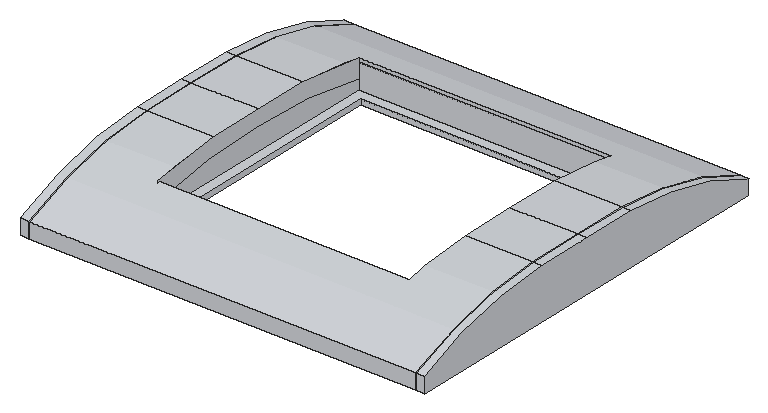
Revit family "Gira_0211728", category Electrical Fixtures, host Face, Revit 2017
Family settings
  Host = Face
  Maintain Annotation Orientation = No
  Round Connector Dimension = Use Diameter
  Part Type = Normal
  Cut with Voids When Loaded = No
  Shared = No
  Room Calculation Point = No
Parameters (values of type "Cov.fr. 1-g interm.fr. AN Gira Event Clear white")
  URL = "http://katalog.gira.de/en/datenblatt.html?artikelnr=0211728"
  Transparent = "No"
  Name = "Cov.fr. 1-g interm.fr. AN Gira Event Clear white"
  Manufacturer URL = "https://www.gira.de/"
  Manufacturer = "Gira"
  Label space/information surface = "No"
  Keynote = ""
  HeinzeBIM = "https://bimportal.heinze.de/bim/cov-fr-1-g-interm-fr-an-gira-event-clear-white/934b1aa0baa6fbabda97f123d35635535bc68bd8"
  HAN = "0211728"
  GTIN = "4010337068754"
  Description = "Cov.fr.1g i.fr.AN EvCl WH,Gira Event Clear cover frame,white with anthracite intermediate frame,1-gang,Features:,- Shatter-proof."
  Default Elevation = 1219.2 mm
  Data sheet (1) = "https://katalog.gira.de/en/download.html?artikelnr=0211728"
  Category = "Cover frame for domestic switching devices"
  BIM (1) = "https://media.stage.bim.site/public/gira/36a6b08/Event_Rahmen_1fach.rfa"
  Available = "No"
Reference planes
  plane 1 "Center (Front/Back)": y = 0
  plane 2: z = 0
  plane 3 "Center (Left/Right)": x = 0
Forms (mm)
  Extrusion 1, solid, detail levels fine
    sketch origin (0, 0, 1.55) x (0, 1, 0) y (0, 0, 1)
      loop
        arc (12.445, 9.683) -> (6.223, 9.833) -> (0, 9.85) r 291.636
        arc (0, 9.85) -> (-6.223, 9.833) -> (-12.445, 9.683) r 291.636
        arc (-12.445, 9.683) -> (-29.14, 7.482) -> (-45, 1.823) r 79.728
        line (-45, 1.823) -> (-45, -1.55) -> (-41.777, -1.55) -> (-41.777, -0.55)
        arc (-41.777, -0.55) -> (-21.205, 4.846) -> (0, 6.467) r 118.15
        arc (0, 6.467) -> (21.205, 4.846) -> (41.777, -0.55) r 118.15
        line (41.777, -0.55) -> (41.777, -1.55) -> (45, -1.55) -> (45, 1.823)
        arc (45, 1.823) -> (29.14, 7.482) -> (12.445, 9.683) r 79.728
    from -43 to 43
  Extrusion 2, void, detail levels fine
    sketch origin (0, 0, 0) x (1, 0, 0) y (0, 1, 0)
      loop
        line (-28, -28) -> (28, -28) -> (28, 28) -> (-28, 28) -> (-28, -28)
    from 2.85 to 12
  Extrusion 3, solid, detail levels coarse
    sketch origin (0, 0, 0) x (1, 0, 0) y (0, 1, 0)
      loop
        line (-45, 45) -> (-45, -45) -> (45, -45) -> (45, 45) -> (-45, 45)
    from 0 to 11.4
  Extrusion 4, solid, detail levels medium
    sketch origin (0, 0, 1.55) x (0, 1, 0) y (0, 0, 1)
      loop
        arc (12.445, 9.683) -> (6.223, 9.833) -> (0, 9.85) r 291.636
        arc (0, 9.85) -> (-6.223, 9.833) -> (-12.445, 9.683) r 291.636
        arc (-12.445, 9.683) -> (-29.14, 7.482) -> (-45, 1.823) r 79.728
        line (-45, 1.823) -> (-45, -1.55) -> (45, -1.55) -> (45, 1.823)
        arc (45, 1.823) -> (29.14, 7.482) -> (12.445, 9.683) r 79.728
    from -45 to 45
  Extrusion 5, solid, detail levels fine
    sketch origin (0, 0, 0) x (0, 1, 0) y (0, 0, 1)
      loop
        arc (45, 3.373) -> (29.14, 9.032) -> (12.445, 11.233) r 79.728
        arc (12.445, 11.233) -> (6.223, 11.383) -> (0, 11.4) r 291.636
        arc (0, 11.4) -> (-6.223, 11.383) -> (-12.445, 11.233) r 291.636
        arc (-12.445, 11.233) -> (-29.14, 9.032) -> (-45, 3.373) r 79.728
        line (-45, 3.373) -> (-45, 0) -> (45, 0) -> (45, 3.373)
    from 43 to 45
  Extrusion 6, solid, detail levels fine
    sketch origin (0, 0, 0) x (0, 1, 0) y (0, 0, -1)
      loop
        line (45, -3.373) -> (45, 0) -> (-45, 0) -> (-45, -3.373)
        arc (-45, -3.373) -> (-29.14, -9.032) -> (-12.445, -11.233) r 79.728
        arc (-12.445, -11.233) -> (-6.223, -11.383) -> (0, -11.4) r 291.636
        arc (0, -11.4) -> (6.223, -11.383) -> (12.445, -11.233) r 291.636
        arc (12.445, -11.233) -> (29.14, -9.032) -> (45, -3.373) r 79.728
    from 43 to 45
  Extrusion 7, solid, detail levels fine
    sketch origin (0, 0, 0) x (1, 0, 0) y (0, 1, 0)
      loop
        line (-25.7, 25.7) -> (-25.7, -25.7) -> (25.7, -25.7) -> (25.7, 25.7) -> (-25.7, 25.7)
      loop
        line (-29.495, 27.895) -> (-29.495, -27.895)
        spline (-29.495, -27.895) -> (-29.486, -28.025) -> (-29.461, -28.154) -> (-29.419, -28.278) -> (-29.361, -28.395) -> (-29.288, -28.504) -> (-29.202, -28.602) -> (-29.104, -28.688) -> (-28.995, -28.761) -> (-28.878, -28.819) -> (-28.754, -28.861) -> (-28.625, -28.886) -> (-28.495, -28.895)
        line (-28.495, -28.895) -> (28.495, -28.895)
        spline (28.495, -28.895) -> (28.625, -28.886) -> (28.754, -28.861) -> (28.878, -28.819) -> (28.995, -28.761) -> (29.104, -28.688) -> (29.202, -28.602) -> (29.288, -28.504) -> (29.361, -28.395) -> (29.419, -28.278) -> (29.461, -28.154) -> (29.486, -28.025) -> (29.495, -27.895)
        line (29.495, -27.895) -> (29.495, 27.895)
        spline (29.495, 27.895) -> (29.486, 28.025) -> (29.461, 28.154) -> (29.419, 28.278) -> (29.361, 28.395) -> (29.288, 28.504) -> (29.202, 28.602) -> (29.104, 28.688) -> (28.995, 28.761) -> (28.878, 28.819) -> (28.754, 28.861) -> (28.625, 28.886) -> (28.495, 28.895)
        line (28.495, 28.895) -> (-28.495, 28.895)
        spline (-28.495, 28.895) -> (-28.625, 28.886) -> (-28.754, 28.861) -> (-28.878, 28.819) -> (-28.995, 28.761) -> (-29.104, 28.688) -> (-29.202, 28.602) -> (-29.288, 28.504) -> (-29.361, 28.395) -> (-29.419, 28.278) -> (-29.461, 28.154) -> (-29.486, 28.025) -> (-29.495, 27.895)
    from 1.673 to 8.5
Cuts and joins
  Extrusion 2 cuts Extrusion 1
  Extrusion 2 cuts Extrusion 7
Dimensions and locks
  aligned and locked: plane 2 to host face
  aligned and locked: level to host face
